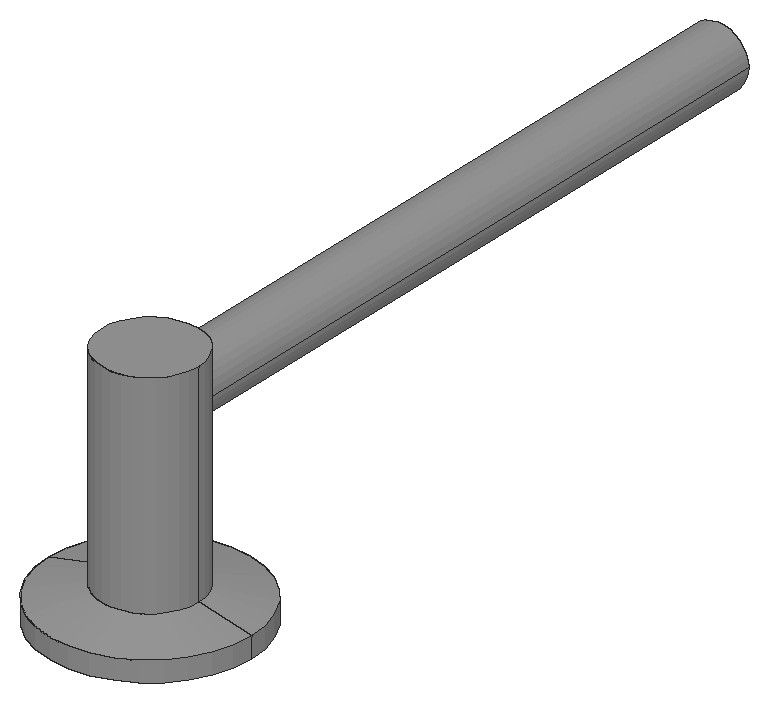
Revit family "MONAT Portarrollo reserva  BC7074900", category Generic Models, host Face, Revit 2014
Parameters
  MODELO = "MONAT"
  MARCA = "WASSER"
  EMPRESA = "CHC COMERCIAL HISPANO CHILENA"
  Default Elevation = 1219.2 mm
  DIMENSIONES = ""
  ACCESORIO = "PORTA ROLLO RESERVA"
Reference planes
  plane 1 "Center (Front/Back)": y = 0
  plane 2: z = 0
  plane 3 "Center (Left/Right)": x = 0
  plane 4: z = 60
  plane 5: z = 5
  plane 6: x = -60
  plane 7: x = 60
  plane 8: y = 25
  plane 9: y = 175
Forms (mm)
  Extrusion 1, solid, material "Steel, Galvanized"
    sketch origin (0, 0, 0) x (1, 0, 0) y (0, 1, 0)
      loop
        circle (0, 0) r 25
    from 0 to 5
  Blend 2, solid, material "Steel, Galvanized"
    base sketch origin (0, 0, 10) x (1, 0, 0) y (0, 1, 0)
      loop
        circle (0, 0) r 25
    top sketch origin (0, 0, 10) x (1, 0, 0) y (0, 1, 0)
      loop
        circle (0, 0) r 12
    from -5 to -2.05
  Extrusion 3, solid, material "Steel, Galvanized"
    sketch origin (0, 0, 0) x (1, 0, 0) y (0, 1, 0)
      loop
        circle (0, 0) r 12
    from 7.95 to 60
  Extrusion 4, solid, material "Steel, Galvanized"
    sketch origin (0, 0, 0) x (1, 0, 0) y (0, 0, 1)
      loop
        circle (0, 47.556) r 7.5
    from -175 to -4.599
Dimensions and locks
  aligned and locked: plane 2 to host face
  aligned and locked: level to host face
